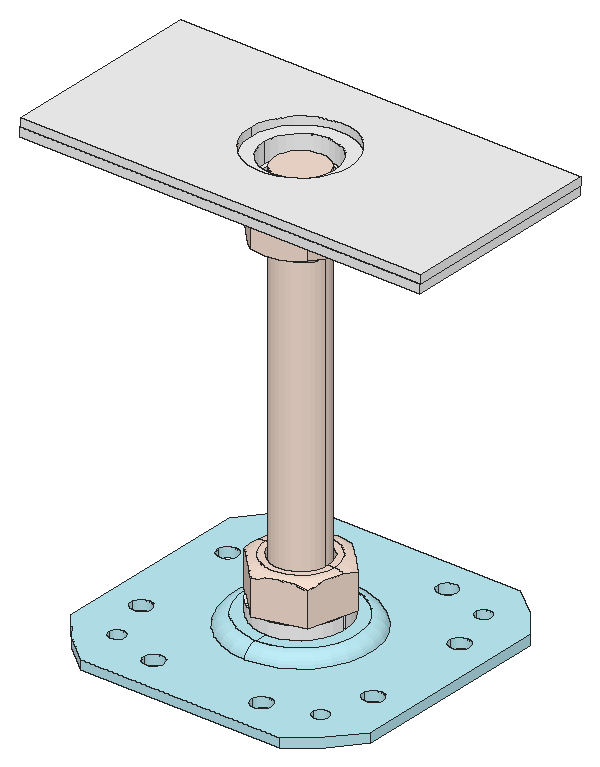
Revit family "gtqueen_st_a", category 機械設備, Revit 2022
Family settings
  丸型コネクタ寸法 = 直径を使用
  種別 = なし
  パーツ タイプ = 標準
  作業面ベース = いいえ
  常に垂直 = はい
  ロード時にボイドで切り取り = いいえ
  注釈の向きを維持 = いいえ
  共有 = いいえ
  部屋計算ポイント = いいえ
Parameters
  製造元 = "株式会社桐井製作所"
  既定の高さ = 0 mm
  URL = "https://www.kirii.co.jp/"
  K_名称 = "GTクイーンST(Aタイプ)"
  K_備考 = "ボルト長さ60mm~250mmまで対応"
  K_バージョン情報 = "20230413"
Reference planes
  plane 1 "中心(正面/背面)": y = 0
  plane 2: z = 0
  plane 3 "中心(左/右)": x = 0
Dimensions and locks
  aligned and locked: level to plane 2
Nested families
  nested 1: "クッションゴムGTクイーン用" at (0.038, 0, 107.3), type "クッションゴムGTクイーン用"
  nested 2: "1／2”ボルト" at (0.038, 0, 0), type "1／2”ボルト"
  nested 3: "受け金具GTクイーン用" at (0, 0, 107.3) x (1, 0, 0) z (0, 0, -1), type "受け金具GTクイーン用"
  nested 4: "1／2”ナット" at (0.076, 0, 99.1) x (1, 0, 0) z (0, 0, -1), type "1／2”ナット"
  nested 5: "1／2”スプリングワッシャー" at (-0.038, 0, 99.1), type "1／2”スプリングワッシャー"
  nested 6: "NDプレートST" at (0.076, 0, 0), type "NDプレートST"
  nested 7: "1／2”ナット" at (0.076, 0, 8.2), type "1／2”ナット"
  nested 8: "1／2”スプリングワッシャー" at (0.038, 0, 5), type "1／2”スプリングワッシャー"
Definition of nested family "クッションゴムGTクイーン用"
  Parameters (values of type "クッションゴムGTクイーン用")
    Manufacturer = "株式会社桐井製作所"
    Default Elevation = 0 mm
    URL = "https://www.kirii.co.jp/"
    K_材質 = "天然ゴム"
    K_名称 = "クッションゴムGTクイーン用"
    K_バージョン情報 = "20221212"
    K_JIS規格 = "JIS Ｋ 6386"
  Reference planes
    plane 1 "中心(正面/背面)": y = 0
    plane 2: z = 0
    plane 3 "中心(左/右)": x = 0
  Forms (mm)
    Extrusion 1, solid
      sketch origin (0, 0, -108.4) x (-1, 0, 0) y (0, 0, 1)
        loop
          line (50, 108.4) -> (50, 110.4) -> (-50, 110.4) -> (-50, 108.4) -> (50, 108.4)
      from -25 to 25
    Extrusion 2, void
      sketch origin (0, 0, 0) x (1, 0, 0) y (0, 1, 0)
        loop
          circle (0, 0) r 12.5
      from 0 to 2
  Cuts and joins
    Extrusion 2 cuts Extrusion 1
  Dimensions and locks
    aligned and locked: level to plane 2
Definition of nested family "1／2”ボルト"
  Parameters (values of type "1／2”ボルト")
    Manufacturer = "株式会社桐井製作所"
    Default Elevation = 0 mm
    URL = "https://www.kirii.co.jp/"
    K_長さ(mm) = 105 mm
    K_材質 = "軟鋼線材"
    K_名称 = "1/2”ボルト"
    K_単位質量(㎏/mm) = 0.075
    K_バージョン情報 = "20221212"
    K_めっき付着量 = "JIS H 8610 電気亜鉛めっき1級以上　JIS H 8625 1級CM1A以上"
    K_JIS規格 = "JIS G 3505　同等以上"
  Reference planes
    plane 1 "中心(正面/背面)": y = 0
    plane 2: z = 0
    plane 3 "中心(左/右)": x = 0
  Forms (mm)
    Extrusion 1, solid
      sketch origin (0.058, 0, 0) x (1, 0, 0) y (0, 1, 0)
        loop
          circle (-0.02, 0) r 6.35
      from 0 to 105
  Dimensions and locks
    "K_長さ(mm)": Extrusion 1 to Extrusion 1
    aligned and locked: level to plane 2
  Automatic sketch dimensions
    plane 1 "中心(正面/背面)" to Extrusion 1 sketch curve = 0 mm
    plane 3 "中心(左/右)" to Extrusion 1 sketch curve = 0.038 mm
    radius of Extrusion 1 sketch curve = 6.35 mm
Definition of nested family "受け金具GTクイーン用"
  Parameters (values of type "受け金具GTクイーン用")
    Manufacturer = "株式会社桐井製作所"
    Default Elevation = 0 mm
    URL = "https://www.kirii.co.jp/"
    K_表面処理 = "Z12以上"
    K_材質 = "溶融亜鉛めっき鋼板及び鋼帯 JIS G 3302"
    K_名称 = "GTクイーン用受け金具"
    K_バージョン情報 = "20221212"
  Reference planes
    plane 1 "中心(正面/背面)": y = 0
    plane 2: z = 0
    plane 3 "中心(左/右)": x = 0
  Forms (mm)
    Extrusion 1, solid
      sketch origin (0, 0, 0) x (1, 0, 0) y (0, 0, 1)
        loop
          line (-50, 2.3) -> (-50, 0) -> (50, 0) -> (50, 2.3) -> (-50, 2.3)
      from -25 to 25
    Revolve 2, solid
      sketch origin (0, 0, 0) x (1, 0, 0) y (0, 0, 1)
        loop
          line (0, 5) -> (0, 2.3) -> (17.5, 2.3)
          arc (17.5, 2.3) -> (16.21, 4.247) -> (14, 5) r 3.619
          line (14, 5) -> (0, 5)
        axis (0, 5) -> (0, 2.3)
      angle from 0 to 360
    Extrusion 3, void
      sketch origin (0, 0, 0) x (1, 0, 0) y (0, 1, 0)
        loop
          circle (-0.139, 0) r 9
      from 0 to 5
    Extrusion 4, void
      sketch origin (0, 0, 0) x (1, 0, 0) y (0, 1, 0)
        loop
          circle (-35.139, -10) r 2
        loop
          circle (34.861, 10) r 2
      from 0 to 2.3
  Cuts and joins
    Extrusion 3, Extrusion 4 cuts Extrusion 1
    Extrusion 3, Extrusion 4 cuts Revolve 2
    joined: Extrusion 1, Revolve 2
  Dimensions and locks
    aligned and locked: level to plane 2
Definition of nested family "1／2”ナット"
  Parameters (values of type "1／2”ナット")
    Manufacturer = "株式会社桐井製作所"
    Default Elevation = 0 mm
    URL = "https://www.kirii.co.jp/"
    K_材質 = "JIS H 8610 電気亜鉛めっき1級以上　JIS H 8625 1級CM1A以上"
    K_名称 = "1/2\"ナット"
    K_単位質量(kg/個) = 0.021
    K_バージョン情報 = "20221212"
    K_JIS規格 = "軟鋼線材 JIS G 3505 同等以上"
  Reference planes
    plane 1 "中心(正面/背面)": y = 0
    plane 2: z = 0
    plane 3 "中心(左/右)": x = 0
  Forms (mm)
    Revolve 1, solid
      sketch origin (0, 0, 2.36) x (1, 0, 0) y (0, 0, 1)
        loop
          line (7, 7.64) -> (7, -2.36) -> (13, -2.36) -> (13, 4.782)
          arc (13, 4.782) -> (11.208, 6.863) -> (8.573, 7.64) r 4.858
          line (8.573, 7.64) -> (7, 7.64)
        axis (0, 7.64) -> (0, -2.36)
      angle from 0 to 360
    Extrusion 2, void
      sketch origin (0, 0, 0) x (1, 0, 0) y (0, 1, 0)
        loop
          circle (0, 0) r 14
        loop
          line (3.138, 11.711) -> (-8.573, 8.573) -> (-11.711, -3.138) -> (-3.138, -11.711) -> (8.573, -8.573) -> (11.711, 3.138) -> (3.138, 11.711)
      from 0 to 10
  Cuts and joins
    Extrusion 2 cuts Revolve 1
  Dimensions and locks
    aligned and locked: level to plane 2
Definition of nested family "1／2”スプリングワッシャー"
  Parameters (values of type "1／2”スプリングワッシャー")
    Manufacturer = "株式会社桐井製作所"
    Default Elevation = 0 mm
    URL = "https://www.kirii.co.jp/"
    K_表面処理 = "JIS H 8610 電気亜鉛めっき1級以上　JIS H 8625 1級CM1A以上"
    K_材質 = "軟鋼線材 JIS G 3505 同等以上"
    K_名称 = "1/2”スプリングワッシャー"
    K_単位質量(kg/個) = 0.001
    K_バージョン情報 = "20221219"
  Reference planes
    plane 1 "中心(正面/背面)": y = 0
    plane 2: z = 0
    plane 3 "中心(左/右)": x = 0
  Forms (mm)
    Extrusion 1, solid
      sketch origin (0, 0, 0) x (1, 0, 0) y (0, 1, 0)
        loop
          line (10.989, 0.5) -> (7.984, 0.5)
          arc (7.984, 0.5) -> (-8, 0) -> (7.984, -0.5) r 8
          line (7.984, -0.5) -> (10.989, -0.5)
          arc (10.989, -0.5) -> (-11, 0) -> (10.989, 0.5) r 11
      from 0 to 3.2
  Dimensions and locks
    aligned and locked: level to plane 2
Definition of nested family "NDプレートST"
  Parameters (values of type "NDプレートST")
    Manufacturer = "株式会社桐井製作所"
    Default Elevation = 0 mm
    URL = "https://www.kirii.co.jp/"
    K_名称 = "NDプレートST"
    K_バージョン情報 = "20230328"
  Reference planes
    plane 1 "中心(正面/背面)": y = 0
    plane 2: z = 0
    plane 3 "中心(左/右)": x = 0
  Forms (mm)
    Extrusion 1, solid
      sketch origin (0, 0, 0) x (1, 0, 0) y (0, 1, 0)
        loop
          line (24.875, 37.5) -> (-24.875, 37.5)
          arc (-24.875, 37.5) -> (-31.82, 31.82) -> (-37.5, 24.875) r 45
          line (-37.5, 24.875) -> (-37.5, -24.875)
          arc (-37.5, -24.875) -> (-31.82, -31.82) -> (-24.875, -37.5) r 45
          line (-24.875, -37.5) -> (24.875, -37.5)
          arc (24.875, -37.5) -> (31.82, -31.82) -> (37.5, -24.875) r 45
          line (37.5, -24.875) -> (37.5, 24.875)
          arc (37.5, 24.875) -> (31.82, 31.82) -> (24.875, 37.5) r 45
        loop
          circle (-29, 13.5) r 2.5
        loop
          circle (-25.456, 25.456) r 2
        loop
          circle (-13.5, 29) r 2.5
        loop
          circle (13.5, 29) r 2.5
        loop
          circle (25.456, 25.456) r 2
        loop
          circle (29, 13.5) r 2.5
        loop
          circle (29, -13.5) r 2.5
        loop
          circle (25.456, -25.456) r 2
        loop
          circle (13.5, -29) r 2.5
        loop
          circle (-13.5, -29) r 2.5
        loop
          circle (-25.456, -25.456) r 2
        loop
          circle (-29, -13.5) r 2.5
      from 0 to 2.3
    Revolve 2, solid
      sketch origin (0, 0, 0) x (0, 1, 0) y (0, 0, 1)
        loop
          line (0, 5) -> (-14.001, 5)
          arc (-14.001, 5) -> (-16.211, 4.247) -> (-17.501, 2.3) r 3.619
          line (-17.501, 2.3) -> (0, 2.3) -> (0, 5)
        axis (0, 2.3) -> (0, 5)
      angle from 0 to 360
    Extrusion 3, void
      sketch origin (0, 0, 0) x (1, 0, 0) y (0, 1, 0)
        loop
          circle (0, 0) r 6
      from 0 to 5
  Cuts and joins
    Extrusion 3 cuts Extrusion 1
    Extrusion 3 cuts Revolve 2
    joined: Extrusion 1, Revolve 2
  Dimensions and locks
    aligned and locked: level to plane 2
